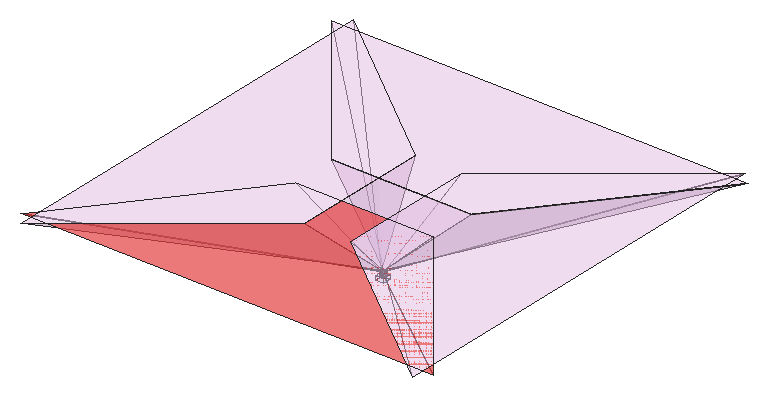
Revit family "Camera-Security-Panasonic-FixedDome-Outdoor-MultiSensor-4xFHD-Vandal_Resistant-Weatherproof-Network-X8570NSeriesX", category Security Devices, host Face, Revit 2016
Family settings
  Host = Face
  Maintain Annotation Orientation = No
  Part Type = Normal
  Round Connector Dimension = Use Diameter
  OmniClass Number = 23.85.10.14.11
  OmniClass Title = Cameras
  Cut with Voids When Loaded = No
  Shared = No
  Room Calculation Point = No
Parameters (values of type "WV-X8570N")
  Water and Dust Resistance = "IP66 (IEC60529), Type 4X (UL50), NEMA 4X compliant"  # constant formula
  Shock Resistance = "IK10 (IEC62262)"  # constant formula
  Panning Range for each Sensor = "0 to +360"
  Dome Cover Ring Material [instance] = Plastic, Opaque Black
  Ceiling Floor Distance Offset [instance] = if(and(On Ceiling, not(On Wall)), z Camera Bottom Vertical Offset, if(and(not(On Ceiling), On Wall), 6.3189", z Camera Bottom Vertical Offset))  # 0.000"
  Camera Type = 8570
  C4 z Yaw Actual Safe [instance] = if(C4 Yaw Actual = -180.00°, 180.00°, C4 Yaw Actual)  # 0.00°
  C4 z Yaw Actual [instance] = if(z Direction = 0, 180.00°, 0.00°)  # 180.00°
  C4 z Tilt Actual [instance] = C4 Tilt Actual  # 45.00°
  C4 z Pan Actual Safe [instance] = if(C4 Pan Actual = -180.00°, 180.00°, C4 Pan Actual)  # 180.00°
  C4 z Pan Actual [instance] = C4 Pan Actual  # 180.00°
  C4 Yaw Desired [instance] = 0.00°
  C4 Yaw Actual [instance] = if(C4 Yaw Desired > C1234 Yaw Max, C1234 Yaw Max, if(C4 Yaw Desired < C1234 Yaw Min, C1234 Yaw Min, C4 Yaw Desired))  # 0.00°
  C4 Vertical FOV Min [instance] = if(and(C4 Aspect Ratio 4_3, not(C4 Aspect Ratio 16_9)), [43 VFOV Min], [169 VFOV Min])  # 53.00°
  C4 Vertical FOV Max [instance] = if(and(C4 Aspect Ratio 4_3, not(C4 Aspect Ratio 16_9)), [43 VFOV Max], [169 VFOV Max])  # 53.00°
  C4 Vertical FOV Actual [instance] = C4 HFOV Ratio * (C4 Vertical FOV Max - C4 Vertical FOV Min) + C4 Vertical FOV Min  # 53.00°
  C4 VV Horizontal Offset = 0.000"
  C4 Tilting Range = "-15 to +80"  # constant formula
  C4 Tilt Desired [instance] = 45.00°
  C4 Tilt Actual [instance] = if(C4 Tilt Desired > C4 Tilt Max, C4 Tilt Max, if(C4 Tilt Desired < C4 Tilt Min, C4 Tilt Min, C4 Tilt Desired))  # 45.00°
  C4 Pan Desired [instance] = 180.00°
  C4 Pan Actual [instance] = if(C4 Pan Desired > C1234 Pan Max, C1234 Pan Max, if(C4 Pan Desired < C1234 Pan Min, C1234 Pan Min, C4 Pan Desired))  # 180.00°
  C4 Horizontal FOV Min [instance] = if(and(C4 Aspect Ratio 4_3, not(C4 Aspect Ratio 16_9)), [43 HFOV Min], [169 HFOV Min])  # 97.00°
  C4 Horizontal FOV Max [instance] = if(and(C4 Aspect Ratio 4_3, not(C4 Aspect Ratio 16_9)), [43 HFOV Max], [169 HFOV Max])  # 97.00°
  C4 Horizontal FOV Desired [instance] = 60.00°
  C4 Horizontal FOV Actual [instance] = if(C4 Horizontal FOV Desired > C4 Horizontal FOV Max, C4 Horizontal FOV Max, if(C4 Horizontal FOV Desired < C4 Horizontal FOV Min, C4 Horizontal FOV Min, C4 Horizontal FOV Desired))  # 97.00°
  C4 HFOV Ratio [instance] = if(Camera Type = 8530, (C4 Horizontal FOV Actual - C4 Horizontal FOV Min) / (C4 Horizontal FOV Max - C4 Horizontal FOV Min), 1)  # 1
  C4 Aspect Ratio 4_3 [instance] = no
  C4 Aspect Ratio 16_9 [instance] = yes
  C3 z Yaw Actual Safe [instance] = if(C3 Yaw Actual = -180.00°, 180.00°, C3 Yaw Actual)  # 0.00°
  C3 z Yaw Actual [instance] = if(z Direction = 0, 180.00°, 0.00°)  # 180.00°
  C3 z Tilt Actual [instance] = C3 Tilt Actual  # 45.00°
  C3 z Pan Actual Safe [instance] = if(C3 Pan Actual = -180.00°, 180.00°, C3 Pan Actual)  # 270.00°
  C3 z Pan Actual [instance] = C3 Pan Actual  # 270.00°
  C3 Yaw Desired [instance] = 0.00°
  C3 Yaw Actual [instance] = if(C3 Yaw Desired > C1234 Yaw Max, C1234 Yaw Max, if(C3 Yaw Desired < C1234 Yaw Min, C1234 Yaw Min, C3 Yaw Desired))  # 0.00°
  C3 Tilt Desired [instance] = 45.00°
  C3 Tilt Actual [instance] = if(C3 Tilt Desired > C123 Tilt Max, C123 Tilt Max, if(C3 Tilt Desired < C123 Tilt Min, C123 Tilt Min, C3 Tilt Desired))  # 45.00°
  C3 Pan Desired [instance] = 270.00°
  C3 Pan Actual [instance] = if(C3 Pan Desired > C1234 Pan Max, C1234 Pan Max, if(C3 Pan Desired < C1234 Pan Min, C1234 Pan Min, C3 Pan Desired))  # 270.00°
  C2 z Yaw Actual Safe [instance] = if(C2 Yaw Actual = -180.00°, 180.00°, C2 Yaw Actual)  # 0.00°
  C2 z Yaw Actual [instance] = if(z Direction = 0, 180.00°, 0.00°)  # 180.00°
  C2 z Tilt Actual [instance] = C2 Tilt Actual  # 45.00°
  C2 z Pan Actual Safe [instance] = if(C2 Pan Actual = -180.00°, 180.00°, C2 Pan Actual)  # 0.00°
  C2 z Pan Actual [instance] = C2 Pan Actual  # 0.00°
  C2 Yaw Desired [instance] = 0.00°
  C2 Yaw Actual [instance] = if(C2 Yaw Desired > C1234 Yaw Max, C1234 Yaw Max, if(C2 Yaw Desired < C1234 Yaw Min, C1234 Yaw Min, C2 Yaw Desired))  # 0.00°
  C2 Tilt Desired [instance] = 45.00°
  C2 Tilt Actual [instance] = if(C2 Tilt Desired > C123 Tilt Max, C123 Tilt Max, if(C2 Tilt Desired < C123 Tilt Min, C123 Tilt Min, C2 Tilt Desired))  # 45.00°
  C2 Pan Desired [instance] = 0.00°
  C2 Pan Actual [instance] = if(C2 Pan Desired > C1234 Pan Max, C1234 Pan Max, if(C2 Pan Desired < C1234 Pan Min, C1234 Pan Min, C2 Pan Desired))  # 0.00°
  C1 to C3 Tilting Range = "+30 to +80"  # constant formula
  SDXC SDHC SD Memory Card Slot = yes
  Mobile Terminal Compatibility = "iPad / iPhone, AndroidTM mobile terminals"  # constant formula
  C4 VV Viewpoint Depth = 2.79134"  # constant formula
  C4 VV Origin Height [instance] = 4.52756"  # constant formula
  C4 Tilt Max = 80.00°  # constant formula
  C4 Tilt Min = -15.00°  # constant formula
  C123 VV Horizontal Offset = 0.77165"  # constant formula
  C123 VV Viewpoint Depth = 2.03543"  # constant formula
  Yawing Range for each Sensor = "-50 to +50"  # constant formula
  C1 Yaw Desired [instance] = 0.00°
  C1 Yaw Actual [instance] = if(C1 Yaw Desired > C1234 Yaw Max, C1234 Yaw Max, if(C1 Yaw Desired < C1234 Yaw Min, C1234 Yaw Min, C1 Yaw Desired))  # 0.00°
  C123 VV Origin Height = 4.4252"  # constant formula
  C1 z Yaw Actual Safe [instance] = if(C1 Yaw Actual = -180.00°, 180.00°, C1 Yaw Actual)  # 0.00°
  C1 z Tilt Actual [instance] = C1 Tilt Actual  # 45.00°
  C1 z Pan Actual Safe [instance] = if(C1 Pan Actual = -180.00°, 180.00°, C1 Pan Actual)  # 90.00°
  C1 z Pan Actual [instance] = C1 Pan Actual  # 90.00°
  C123 HFOV Ratio [instance] = if(Camera Type = 8530, (C123 Horizontal FOV Actual - C123 Horizontal FOV Min) / (C123 Horizontal FOV Max - C123 Horizontal FOV Min), 1)  # 1
  z Dome Radius = 3.14961"  # constant formula
  z Dome Height Offset Original [instance] = if(Has Base Bracket, 5.02756", 3.61024")  # 3.61024"
  z Dome Height Offset [instance] = if(Has Base Bracket, 1.41732", 0.000")  # 0.000"
  z Direction [instance] = if((if(On Wall, 1, 0) + if(On Ceiling, 1, 0)) = 1, if(On Ceiling, 0, 1), 0)  # 0
  z Camera Tilt Angle [instance] = if(and(On Wall, not(On Ceiling)), 90.00°, 0.00°)  # 0.00°
  z Camera Tilt Handle Length = 2.75591"
  z Camera Pan Handle Length = 7.87402"
  z Camera Pan Axis Length = 3.93701"
  C1234 Yaw Min = -50.00°  # constant formula
  C1234 Yaw Max = 50.00°  # constant formula
  Wall Bracket Visible [instance] = and(On Wall, not(On Ceiling))  # no
  Dome Material [instance] = Glass - Panasonic - Black
  Camera Pan Angle = 0.00°
  z Camera Bottom Vertical Offset [instance] = if(and(On Ceiling, not(Has Base Bracket), not(On Wall)), 0.000", if(and(On Ceiling, Has Base Bracket, not(On Wall)), 1.41732", if(and(not(On Ceiling), On Wall), 9.44882", 0.000")))  # 0.000"
  z Camera Bottom Horizontal Offset [instance] = if(and(On Wall, not(On Ceiling)), 6.3189", 0.000")  # 0.000"
  z Base Height = 1.41732"  # constant formula
  C1 z Yaw Actual [instance] = if(z Direction = 0, 180.00°, 0.00°)  # 180.00°
  Wide Dynamic Range = yes
  Weight [instance] = if(and(Base Visible, (Camera Type = 8530)), 7.05 lbf, if(and(not(Base Visible), (Camera Type = 8530)), 5.95 lbf, if(and(Base Visible, (Camera Type = 8570)), 7.28 lbf, if(and(not(Base Visible), (Camera Type = 8570)), 6.17 lbf, 5.95 lbf))))  # 6.17 lbf
  Voltage DC = 48 V
  C123 Vertical FOV Min [instance] = if(and(C123 Aspect Ratio 4_3, not(C123 Aspect Ratio 16_9)), [43 VFOV Min], [169 VFOV Min])  # 53.00°
  C123 Vertical FOV Max [instance] = if(and(C123 Aspect Ratio 4_3, not(C123 Aspect Ratio 16_9)), [43 VFOV Max], [169 VFOV Max])  # 53.00°
  C123 Vertical FOV Actual [instance] = C123 HFOV Ratio * (C123 Vertical FOV Max - C123 Vertical FOV Min) + C123 Vertical FOV Min  # 53.00°
  43 VFOV Min = 53.00°
  169 VFOV Min = 53.00°
  43 VFOV Max = 53.00°
  169 VFOV Max = 53.00°
  URL = "http://security.panasonic.com/pss/security/"
  C123 Tilt Min = 30.00°  # constant formula
  C123 Tilt Max = 80.00°  # constant formula
  C1 Tilt Desired [instance] = 45.00°
  C1 Tilt Actual [instance] = if(C1 Tilt Desired > C123 Tilt Max, C123 Tilt Max, if(C1 Tilt Desired < C123 Tilt Min, C123 Tilt Min, C1 Tilt Desired))  # 45.00°
  Storage Temperature = Operational Temperature  # "–40 °F to +140 °F"
  Show View Volume [instance] = yes
  Regulatory Compliance = "UL (UL60950-1), c-UL (CSA C22.2 No.60950-1), CE, IEC60950-1, FCC (Part15 ClassA), ICES003 ClassA, EN55022 ClassB, EN55024"  # constant formula
  Provide Feedback = "https://www.surveymonkey.com/s/95FL6QY"
  Product Page URL = "https://security.panasonic.com/products/wv-X8570n/"
  Product Material [instance] = Paint - Panasonic - Light Gray
  Product Documentation Link = "https://bizpartner.panasonic.net/public/file/wv-x8570n-spec-sheet-a4"
  Power Active = 12.95 W
  Part Number = Model  # "WV-X8570N"
  Part Description = Description  # "Security Camera, Dome, Vandal Resistant, Waterproof Network, 4 x 4K Ultra HD Multi-Sensor, WV-X8570N"
  C1234 Pan Min = 0.00°  # constant formula
  C1234 Pan Max = 360.00°  # constant formula
  C1 Pan Desired [instance] = 90.00°
  C1 Pan Actual [instance] = if(C1 Pan Desired > C1234 Pan Max, C1234 Pan Max, if(C1 Pan Desired < C1234 Pan Min, C1234 Pan Min, C1 Pan Desired))  # 90.00°
  Original Creation Date = "2018/06/28"
  Operational Temperature = "–40 °F to +140 °F"  # constant formula
  Operational Humidity = "10 to 100 % (no condensation)"  # constant formula
  On Wall [instance] = no
  On Ceiling [instance] = yes
  Mounting Positions = "Mount Dependent or Surface Mount"  # constant formula
  Model Disclaimer = "Contact Panasonic for more information"  # constant formula
  Model = "WV-X8570N"
  Minimum Illumination = 0.12 lx
  Manufacturer = "Panasonic"  # constant formula
  Indoor Or Outdoor = "Outdoor"
  IP Or Analog = "IP"
  C123 Horizontal FOV Min [instance] = if(and(C123 Aspect Ratio 4_3, not(C123 Aspect Ratio 16_9)), [43 HFOV Min], [169 HFOV Min])  # 97.00°
  C123 Horizontal FOV Max [instance] = if(and(C123 Aspect Ratio 4_3, not(C123 Aspect Ratio 16_9)), [43 HFOV Max], [169 HFOV Max])  # 97.00°
  C123 Horizontal FOV Desired [instance] = 60.00°
  C123 Horizontal FOV Actual [instance] = if(C123 Horizontal FOV Desired > C123 Horizontal FOV Max, C123 Horizontal FOV Max, if(C123 Horizontal FOV Desired < C123 Horizontal FOV Min, C123 Horizontal FOV Min, C123 Horizontal FOV Desired))  # 97.00°
  Height [instance] = if(Has Base Bracket, 9.13386", 7.71654")  # 7.71654"
  Has POE = yes
  Has Base Bracket [instance] = no
  43 HFOV Min = 97.00°
  169 HFOV Min = 97.00°
  43 HFOV Max = 97.00°
  169 HFOV Max = 97.00°
  Family Version = "1.0.0"  # constant formula
  Equipment Number [instance] = ""
  Equipment Abbreviation = "SC"
  Distance to Screen [instance] = 393.70079"
  Distance to Floor [instance] = 118.11024"
  Distance to Ceiling [instance] = 39.37008"
  Diameter = 9.05512"
  Description = "Security Camera, Dome, Vandal Resistant, Waterproof Network, 4 x 4K Ultra HD Multi-Sensor, WV-X8570N"
  Default Elevation = 0.000"
  Day Or Night = "Yes"
  Date Last Modified = "2018/06/28"
  Copyright = "Copyright © Panasonic"  # constant formula
  Communication Ports = "10Base-T / 100Base-TX / 1000Base-T, RJ45 connector"  # constant formula
  Bracket Variation Color [instance] = Paint - Panasonic - Silver
  Base Visible [instance] = and(On Ceiling, not(On Wall), Has Base Bracket)  # no
  C123 Aspect Ratio 4_3 [instance] = no
  C123 Aspect Ratio 16_9 [instance] = yes
  Audio Out = "Yes"
  Audio In = "Yes"
  Angle Of View = "97"
  Alarm Input Or Output = "ALARM IN 1(Alarm input 1/ Black & white input/ Auto time adjustment input) (x1), ALARM IN 2 (Alarm input 2/ ALARM OUT) (x1), ALARM IN 3 (Alarm input 3/ ALARM OUT/ AUX OUT) (x1)"
Reference planes (in)
  plane 1 "Center (Front/Back)": y = 0
  plane 2: z = 0
  plane 3 "Center (Left/Right)": x = 0
  plane 4 "Body1 Bottom": z = 1.41732
  plane 5: z = 0
  plane 6: y = 0
Forms (in)
  Extrusion 1, solid, material "Glass"
    sketch origin (0, 0, 0) x (1, 0, 0) y (0, 1, 0)
      loop
        line (-7.08661, 6.85016) -> (-7.08661, -7.02141) -> (7.02141, -7.02141) -> (7.02141, 6.85016) -> (-7.08661, 6.85016)
    from 0 to -7.78407
  Revolve 2, solid, not visible
    sketch origin (0, 0, 0) x (0, 1, 0) y (0, 0, 1)
      loop
        line (0, 0) -> (0.98425, 0) -> (0.98425, 0.3937) -> (0, 0.3937) -> (0, 0)
      axis (0, 0) -> (0, 0.3937)
    angle from 0 to 360
Lines and regions (in)
  Masking region 1, not visible
    outline origin (0, 0, 0) x (1, 0, 0) y (0, 1, 0)
      loop
        circle (0, 0) r 0.03937
  reference lines
    curve 1: line (0, 0, 0) -> (0, 0, 2.75591)
Dimensions and locks (in)
  "z Base Height": plane 4 "Body1 Bottom" to level
  "z Camera Bottom Vertical Offset": plane 5 to level
  "z Camera Bottom Horizontal Offset": plane 6 to plane 1 "Center (Front/Back)"
  "z Camera Tilt Handle Length": curve 1 to curve 1
  locked: Masking region 1 sketch curve to Masking region 1 sketch curve (radius 0.03937")
  "z Camera Tilt Angle": angle plane 6 to curve 1
  aligned and locked: plane 2 to Extrusion 1
  aligned and locked: level to Extrusion 1
  aligned and locked: plane 6 to curve 1
  aligned and locked: plane 5 to curve 1
Automatic sketch dimensions
  Extrusion 1 sketch curve to Extrusion 1 sketch curve = 14.10803"
  Extrusion 1 sketch curve to Extrusion 1 sketch curve = 13.87157"
  plane 1 "Center (Front/Back)" to Masking region 1 sketch curve = 0.000"
  Masking region 1 sketch curve to plane 3 "Center (Left/Right)" = 0.000"
  Revolve 2 sketch curve to plane 1 "Center (Front/Back)" = 0.000"
  Revolve 2 sketch curve to level = 0.000"
  level to Revolve 2 sketch curve = 0.3937"
  Revolve 2 sketch curve to Revolve 2 sketch curve = 0.98425"
Nested families (in)
  nested 1: "CameraSymbol_Dome" at (0, 0, 0), Tilt <- "C1 Tilt Actual", Pan <- "C1 Pan Actual", On Wall <- "On Wall", type "CameraSymbol_Dome", not visible
    with z Pan 270.00°, Tilt 45.00°, Pan 90.00°, On Wall no
  nested 2: "Base Cover" at (0, 0, 0), Product Material <- "Product Material", visible <- "Has Base Bracket", Base Cover Height <- "z Base Height", Base Visible <- "Base Visible", type "Base Cover"
    with Product Material Paint - Panasonic - Light Gray, Base Visible no, Base Cover Top Diameter 3.04528", Base Cover Height 1.41732", Base Cover Bottom Diameter 3.22835"
  nested 3: "Wall Mount Bracket" at (0, 0, 0) x (-1, 0, 0) z (0, 0, 1), visible <- "On Wall", Bracket Visible <- "Wall Bracket Visible", type "Wall Mount Bracket"
    with Bracket Visible no, Bracket Color none
  nested 4: "Camera Body" at (0, 0, 0), Product Material <- "Product Material", Doom Material <- "Dome Material", On Ceiling <- "On Ceiling", On Wall <- "On Ceiling", C1 Pan Angle <- "C1 z Pan Actual Safe", C1 Tilt Angle <- "C1 z Tilt Actual", C1 Yaw Angle <- "C1 z Yaw Actual Safe", C123 VV Horizontal Offset <- "C123 VV Horizontal Offset", C123 VV Origin Height <- "C123 VV Origin Height", C123 VV Viewpoint Depth <- "C123 VV Viewpoint Depth", Distance to Ceiling <- "Distance to Ceiling", Doom Cover Ring Material <- "Dome Cover Ring Material", C2 Pan Angle <- "C2 z Pan Actual Safe", C2 Tilt Angle <- "C2 z Tilt Actual", C2 Yaw Angle <- "C2 z Yaw Actual Safe", C3 Pan Angle <- "C3 z Pan Actual Safe", C3 Tilt Angle <- "C3 z Tilt Actual", C3 Yaw Angle <- "C3 z Yaw Actual Safe", C4 Pan Angle <- "C4 z Pan Actual Safe", C4 Tilt Angle <- "C4 z Tilt Actual", C4 VV Origin Height <- "C4 VV Origin Height", C4 VV Horizontal Offset <- "C4 VV Horizontal Offset", C4 VV Viewpoint Depth <- "C4 VV Viewpoint Depth", C4 Yaw Angle <- "C4 z Yaw Actual Safe", C4 Aspect Ratio 16_9 <- "C4 Aspect Ratio 16_9", C4 Aspect Ratio 4_3 <- "C4 Aspect Ratio 4_3", C4 HFOV <- "C4 Horizontal FOV Actual", C4 VFOV <- "C4 Vertical FOV Actual", Show View Volume <- "Show View Volume", C123 Aspect Ratio 16_9 <- "C123 Aspect Ratio 16_9", C123 Aspect Ratio 4_3 <- "C123 Aspect Ratio 4_3", C123 HFOV <- "C123 Horizontal FOV Actual", C123 VFOV <- "C123 Vertical FOV Actual", Ceiling Distance Offset <- "Ceiling Floor Distance Offset", Floor Distance Offset <- "Ceiling Floor Distance Offset", Distance to Floor <- "Distance to Floor", type "Camera Body Rotation"
    with Show View Volume yes, Product Material Paint - Panasonic - Light Gray, On Wall yes, On Ceiling yes, Floor Distance Offset 0.000", Doom Material Glass - Panasonic - Black, Doom Cover Ring Material Plastic, Opaque Black, Distance to Screen 393.70079", Distance to Floor Revised 118.11024", Distance to Floor 118.11024", Distance to Ceiling Revised 39.37008", Distance to Ceiling 39.37008", Ceiling Distance Offset 0.000", C4 Yaw Angle 0.00°, C4 VV Viewpoint Depth 2.79134", C4 VV Origin Height 4.52756", C4 VV Horizontal Offset 0.000", C4 VFOV 53.00°, C4 Tilt Angle 45.00°, C4 Pan Angle 180.00°, C4 HFOV 97.00°, C4 Aspect Ratio 4_3 no, C4 Aspect Ratio 16_9 yes, C3 Yaw Angle 0.00°, C3 Tilt Angle 45.00°, C3 Pan Angle 270.00°, C2 Yaw Angle 0.00°, C2 Tilt Angle 45.00°, C2 Pan Angle 0.00°, C123 VV Viewpoint Depth 2.03543", C123 VV Origin Height 4.4252", C123 VV Horizontal Offset 0.77165", C123 VFOV 53.00°, C123 HFOV 97.00°, C123 Aspect Ratio 4_3 no, C123 Aspect Ratio 16_9 yes, C1 Yaw Angle 0.00°, C1 Tilt Angle 45.00°, C1 Pan Angle 90.00°
Connectors (in)
  electrical at (0, 0, 0)
    settings: on Revolve 2, index 1, voltage 0 V, apparent load 0.0 W, apparent load phase1 0.0 W, apparent load phase2 0.0 W, apparent load phase3 0.0 W, power factor 1, load classification "Other", number of poles 1, system type 5, power factor state 1, is connector primary yes, connector utility no, sub classification motor no, connector description "Data Connection"
  electrical at (0, 0, 0), driven by "Voltage DC", driven by "Power Active"
    settings: on Revolve 2, index 2, voltage 48 V, apparent load 12.95 W, apparent load phase1 0.0 W, apparent load phase2 0.0 W, apparent load phase3 0.0 W, power factor 1, load classification "Other", number of poles 1, system type 30, power factor state 1, is connector primary no, connector utility no, sub classification motor no, connector description "Electrical Connection"
Definition of nested family "Camera Body"
  Parameters (values of type "Camera Body Rotation")
    Show View Volume [instance] = yes
    On Wall [instance] = no
    On Ceiling [instance] = yes
    Floor Distance Offset [instance] = 0.000"
    Doom Cover Ring Material [instance] = none
    Distance to Floor Revised [instance] = if(Distance to Floor < 0.000", 0.000", Distance to Floor)  # 118.11024"
    Distance to Ceiling Revised [instance] = if(Distance to Ceiling < 0.000", 0.000", Distance to Ceiling)  # 0.000"
    Ceiling Distance Offset [instance] = 0.000"
    C4 Yaw Angle [instance] = 0.00°
    C4 VV Viewpoint Depth [instance] = 2.79134"
    C4 VV Origin Height [instance] = 4.52756"
    C4 VV Horizontal Offset [instance] = 0.000"
    C4 VFOV [instance] = 30.00°
    C4 Tilt Angle [instance] = 45.00°
    C4 Pan Angle [instance] = 180.00°
    C4 HFOV [instance] = 60.00°
    C4 Aspect Ratio 4_3 [instance] = no
    C4 Aspect Ratio 16_9 [instance] = yes
    C3 Yaw Angle [instance] = 0.00°
    C3 Tilt Angle [instance] = 45.00°
    C3 Pan Angle [instance] = 270.00°
    C2 Yaw Angle [instance] = 0.00°
    C2 Tilt Angle [instance] = 45.00°
    C2 Pan Angle [instance] = 0.00°
    C123 VV Viewpoint Depth [instance] = 2.03543"
    C123 VV Origin Height [instance] = 4.4252"
    C123 VV Horizontal Offset [instance] = 0.77165"
    Product Material [instance] = none
    Doom Radius = 3.14961"
    Doom Material [instance] = none
    Doom Bottom Height = 4.56693"
    Default Elevation = 48.000"
    Camera Body Height = 3.14961"
    C1 Yaw Angle [instance] = 0.00°
    C123 VFOV [instance] = 30.00°
    C1 Tilt Angle [instance] = 45.00°
    Distance to Screen [instance] = 393.70079"
    C1 Pan Angle [instance] = 90.00°
    C123 HFOV [instance] = 60.00°
    Distance to Floor [instance] = 118.11024"
    Distance to Ceiling [instance] = 0.000"
    C123 Aspect Ratio 4_3 [instance] = no
    C123 Aspect Ratio 16_9 [instance] = yes
  Reference planes (in)
    plane 1 "Center (Front/Back)": y = 0
    plane 2: z = 0
    plane 3 "Center (Left/Right)": x = 0
    plane 4: z = 3.14961
    plane 5: y = 4.52756
    plane 6: y = 3.05118
    plane 7: z = 1.98425
    plane 8: z = 4.56693
    plane 9: y = 3.14961
    plane 10: z = 4.4252
    plane 11: z = 4.52756
    plane 12: z = 0.21654
  Forms (in)
    Extrusion 1, solid
      sketch origin (0, 0, 0) x (1, 0, 0) y (0, 1, 0)
        loop
          line (-48, 48) -> (-48, -48) -> (48, -48) -> (48, 48) -> (-48, 48)
      from 0 to -12
    Revolve 2, solid, material <- "Product Material"
      sketch origin (0, 0, 0) x (0, 1, 0) y (0, 0, 1)
        loop
          line (0, 0) -> (3.05118, 0) -> (3.05118, 0.21654) -> (4.42559, 1.98425) -> (4.52756, 3.14961) -> (4.42591, 3.14961)
          arc (4.42591, 3.14961) -> (4.39382, 3.13713) -> (4.37859, 3.10624) r 0.04751
          line (4.37859, 3.10624) -> (4.34643, 2.73875)
          arc (4.34643, 2.73875) -> (4.28332, 2.61077) -> (4.15033, 2.55906) r 0.19685
          line (4.15033, 2.55906) -> (0, 2.55906) -> (0, 0)
        axis (0, 0) -> (0, 3.14961)
      angle from 0 to 360
    Revolve 3, solid, material <- "Doom Material"
      sketch origin (0, 0, 0) x (0, 1, 0) y (0, 0, 1)
        loop
          line (0, 3.14961) -> (3.14961, 3.14961) -> (3.14961, 4.56693)
          arc (3.14961, 4.56693) -> (2.22711, 6.79404) -> (0, 7.71654) r 3.14961
          line (0, 7.71654) -> (0, 3.14961)
        axis (0, 3.14961) -> (0, 7.71654)
      angle from 0 to 360
    Revolve 4, solid
      sketch origin (0, 0, 0) x (0, 1, 0) y (0, 0, 1)
        loop
          line (0, 4.52756) -> (0, 2.63942) -> (4.33071, 2.63942) -> (4.33071, 3.03312) -> (4.25027, 3.33334) -> (4.10439, 3.33334) -> (3.19171, 3.57789) -> (3.19171, 3.14961) -> (2.20745, 3.14961) -> (2.20745, 3.46457) -> (0.4358, 3.46457) -> (0.4358, 4.52756) -> (0, 4.52756)
        axis (0, 2.63942) -> (0, 4.52756)
      angle from 0 to 360
  Dimensions and locks (in)
    "Camera Body Height": plane 4 to level
    plane 1 "Center (Front/Back)" to plane 5 = 4.52756"
    locked: plane 1 "Center (Front/Back)" to plane 6 at 3.05118
    locked: plane 7 to level at 1.98425
    "Doom Bottom Height": plane 8 to level
    "Doom Radius": plane 1 "Center (Front/Back)" to plane 9
    "C123 VV Origin Height": plane 10 to level
    "C4 VV Origin Height": plane 11 to level
    locked: plane 12 to level at 0.21654
    aligned and locked: plane 2 to Extrusion 1
    aligned and locked: level to Extrusion 1
    aligned and locked: Revolve 2 sketch curve to plane 4
    aligned and locked: plane 6 to Revolve 2 sketch curve
    aligned and locked: plane 7 to Revolve 2 sketch curve
  Automatic sketch dimensions
    Extrusion 1 sketch curve to Extrusion 1 sketch curve = 96.000"  (x2)
    Revolve 3 sketch curve to plane 1 "Center (Front/Back)" = 0.000"  (x2)
    Revolve 3 sketch curve to plane 8 = 0.000"
    Revolve 3 sketch curve to plane 9 = 0.000"
    Revolve 3 sketch curve to plane 4 = 0.000"
    Revolve 3 sketch curve to level = 24.000"
    Revolve 3 sketch curve to Revolve 3 sketch curve = 84.91365"
    Revolve 4 sketch curve to plane 1 "Center (Front/Back)" = 0.000"  (x2)
    Revolve 4 sketch curve to plane 11 = 0.000"
    Revolve 4 sketch curve to plane 4 = 0.000"
    Revolve 4 sketch curve to Revolve 4 sketch curve = 0.4358"
    plane 4 to Revolve 4 sketch curve = 0.31496"
    Revolve 4 sketch curve to plane 9 = 0.0421"
    plane 4 to Revolve 4 sketch curve = 0.18373"
    Revolve 4 sketch curve to plane 5 = 0.42317"
    Revolve 4 sketch curve to Revolve 4 sketch curve = 0.14587"
    Revolve 4 sketch curve to plane 5 = 0.19685"
    Revolve 4 sketch curve to plane 4 = 0.11649"
    Revolve 4 sketch curve to plane 4 = 0.51019"
    Revolve 4 sketch curve to Revolve 4 sketch curve = 0.42828"
    Revolve 4 sketch curve to level = 24.000"
    plane 11 to Revolve 4 sketch curve = 87.7483"
    plane 6 to Revolve 4 sketch curve = 0.84373"
    Revolve 2 sketch curve to plane 1 "Center (Front/Back)" = 0.000"  (x2)
    Revolve 2 sketch curve to plane 4 = 0.000"
    Revolve 2 sketch curve to plane 5 = 0.000"
    Revolve 2 sketch curve to level = 0.000"
    Revolve 2 sketch curve to plane 12 = 0.000"
    Revolve 2 sketch curve to plane 5 = 0.37723"
    Revolve 2 sketch curve to plane 5 = 0.18113"
    Revolve 2 sketch curve to plane 4 = 0.04336"
    Revolve 2 sketch curve to plane 5 = 0.14897"
    Revolve 2 sketch curve to plane 5 = 0.10197"
    Revolve 2 sketch curve to plane 4 = 0.04751"
    plane 7 to Revolve 2 sketch curve = 0.5748"
    Revolve 2 sketch curve to Revolve 2 sketch curve = 0.17969"
    Revolve 2 sketch curve to Revolve 2 sketch curve = 24.000"
    plane 8 to Revolve 2 sketch curve = 59.02679"
  Nested families (in)
    nested 1: "FOV4" at (0, 0, 4.52756) x (-1, 0, 0) z (0, 0, 1), Ceiling Distance <- "Distance to Ceiling Revised", Floor Distance <- "Distance to Floor Revised", HFOV <- "C4 HFOV", On Ceiling <- "On Ceiling", On Wall <- "On Wall", Pan <- "C4 Pan Angle", Screen Depth <- "Distance to Screen", Tilt <- "C4 Tilt Angle", VFOV <- "C4 VFOV", Viewpoint Depth <- "C4 VV Viewpoint Depth", Viewpoint Origin Horizontal Offset <- "C4 VV Horizontal Offset", Yaw <- "C4 Yaw Angle", visible <- "Show View Volume", Ceiling Distance Offset <- "Ceiling Distance Offset", Floor Distance Offset <- "Floor Distance Offset", Base Height Offset <- "C4 VV Origin Height", type "FOV4"
      with z Yaw Actual 0.00°, z Void Width 2049.63013", z Void Thickness 797.51181", z Void Height Start -1024.81507", z Void Height End 1024.81507", z Void Direction 0, z Void Angle 0.00°, z Viewpoint Depth 2.79134", z Tilt Actual 45.00°, z Target Width 90.9213", z Target Visible yes, z Target Height 42.19672", z Target Depth 81.5315", z Screen Width 454.60651", z Screen Height 210.98362", z Screen Depth 396.49213", z Pan Actual 180.00°, z Floor Distance 118.11024", z Ceiling Distance 0.000", Yaw 0.00°, Viewpoint Origin Horizontal Offset 0.000", Viewpoint Depth 2.79134", VFOV 30.00°, Tilt 45.00°, Target Depth 78.74016", Screen Depth 393.70079", Pan 180.00°, On Wall no, On Floor no, On Default Mount Type 0, On Ceiling yes, HFOV 60.00°, Floor Distance Offset 0.000", Floor Distance 118.11024", Ceiling Distance Offset 0.000", Ceiling Distance 0.000", Base Height Offset 4.52756", Base Angle Offset 0.00°
    nested 2: "FOV1" at (0, 0, 4.4252), Ceiling Distance <- "Distance to Ceiling Revised", Floor Distance <- "Distance to Floor Revised", HFOV <- "C123 HFOV", On Ceiling <- "On Ceiling", On Wall <- "On Wall", Pan <- "C1 Pan Angle", Screen Depth <- "Distance to Screen", Tilt <- "C1 Tilt Angle", VFOV <- "C123 VFOV", Viewpoint Depth <- "C123 VV Viewpoint Depth", Viewpoint Origin Horizontal Offset <- "C123 VV Horizontal Offset", Yaw <- "C1 Yaw Angle", visible <- "Show View Volume", Base Height Offset <- "C123 VV Origin Height", Ceiling Distance Offset <- "Ceiling Distance Offset", Floor Distance Offset <- "Floor Distance Offset", type "FOV1"
      with z Yaw Actual 0.00°, z Void Width 2047.17344", z Void Thickness 795.89764", z Void Height Start -1023.58672", z Void Height End 1023.58672", z Void Direction 0, z Void Angle 0.00°, z Viewpoint Depth 2.03543", z Tilt Actual 45.00°, z Target Width 90.9213", z Target Visible yes, z Target Height 42.19672", z Target Depth 80.77559", z Screen Width 454.60651", z Screen Height 210.98362", z Screen Depth 395.73622", z Pan Actual 90.00°, z Floor Distance 118.11024", z Ceiling Distance 0.000", Yaw 0.00°, Viewpoint Origin Horizontal Offset 0.77165", Viewpoint Depth 2.03543", VFOV 30.00°, Tilt 45.00°, Target Depth 78.74016", Screen Depth 393.70079", Pan 90.00°, On Wall no, On Floor no, On Default Mount Type 0, On Ceiling yes, HFOV 60.00°, Floor Distance Offset 0.000", Floor Distance 118.11024", Ceiling Distance Offset 0.000", Ceiling Distance 0.000", Base Height Offset 4.4252", Base Angle Offset 0.00°
    nested 3: "FOV2" at (0, 0, 4.4252) x (-1, 0, 0) z (0, 0, 1), Ceiling Distance <- "Distance to Ceiling Revised", Floor Distance <- "Distance to Floor Revised", On Ceiling <- "On Ceiling", On Wall <- "On Wall", Pan <- "C2 Pan Angle", Screen Depth <- "Distance to Screen", Tilt <- "C2 Tilt Angle", Viewpoint Depth <- "C123 VV Viewpoint Depth", Viewpoint Origin Horizontal Offset <- "C123 VV Horizontal Offset", Yaw <- "C2 Yaw Angle", visible <- "Show View Volume", HFOV <- "C123 HFOV", VFOV <- "C123 VFOV", Base Height Offset <- "C123 VV Origin Height", Ceiling Distance Offset <- "Ceiling Distance Offset", Floor Distance Offset <- "Floor Distance Offset", type "FOV2"
      with z Yaw Actual 0.00°, z Void Width 2047.17344", z Void Thickness 795.89764", z Void Height Start -1023.58672", z Void Height End 1023.58672", z Void Direction 0, z Void Angle 0.00°, z Viewpoint Depth 2.03543", z Tilt Actual 45.00°, z Target Width 90.9213", z Target Visible yes, z Target Height 42.19672", z Target Depth 80.77559", z Screen Width 454.60651", z Screen Height 210.98362", z Screen Depth 395.73622", z Pan Actual 0.00°, z Floor Distance 118.11024", z Ceiling Distance 0.000", Yaw 0.00°, Viewpoint Origin Horizontal Offset 0.77165", Viewpoint Depth 2.03543", VFOV 30.00°, Tilt 45.00°, Target Depth 78.74016", Screen Depth 393.70079", Pan 0.00°, On Wall no, On Floor no, On Default Mount Type 0, On Ceiling yes, HFOV 60.00°, Floor Distance Offset 0.000", Floor Distance 118.11024", Ceiling Distance Offset 0.000", Ceiling Distance 0.000", Base Height Offset 4.4252", Base Angle Offset 0.00°
    nested 4: "FOV3" at (0, 0, 4.4252), Ceiling Distance <- "Distance to Ceiling Revised", Floor Distance <- "Distance to Floor Revised", On Ceiling <- "On Ceiling", On Wall <- "On Wall", Pan <- "C3 Pan Angle", Screen Depth <- "Distance to Screen", Tilt <- "C3 Tilt Angle", Viewpoint Depth <- "C123 VV Viewpoint Depth", Viewpoint Origin Horizontal Offset <- "C123 VV Horizontal Offset", Yaw <- "C3 Yaw Angle", visible <- "Show View Volume", HFOV <- "C123 HFOV", VFOV <- "C123 VFOV", Base Height Offset <- "C123 VV Origin Height", Floor Distance Offset <- "Floor Distance Offset", Ceiling Distance Offset <- "Ceiling Distance Offset", type "FOV3"
      with z Yaw Actual 0.00°, z Void Width 2047.17344", z Void Thickness 795.89764", z Void Height Start -1023.58672", z Void Height End 1023.58672", z Void Direction 0, z Void Angle 0.00°, z Viewpoint Depth 2.03543", z Tilt Actual 45.00°, z Target Width 90.9213", z Target Visible yes, z Target Height 42.19672", z Target Depth 80.77559", z Screen Width 454.60651", z Screen Height 210.98362", z Screen Depth 395.73622", z Pan Actual 270.00°, z Floor Distance 118.11024", z Ceiling Distance 0.000", Yaw 0.00°, Viewpoint Origin Horizontal Offset 0.77165", Viewpoint Depth 2.03543", VFOV 30.00°, Tilt 45.00°, Target Depth 78.74016", Screen Depth 393.70079", Pan 270.00°, On Wall no, On Floor no, On Default Mount Type 0, On Ceiling yes, HFOV 60.00°, Floor Distance Offset 0.000", Floor Distance 118.11024", Ceiling Distance Offset 0.000", Ceiling Distance 0.000", Base Height Offset 4.4252", Base Angle Offset 0.00°
  Definition of nested family "FOV4"
    Parameters (values of type "FOV4")
      z Yaw Actual [instance] = if(Yaw < 0.00°, 360.00° - (abs(Yaw) - rounddown(abs(Yaw) / 360.00°) * 360.00°), Yaw - rounddown(Yaw / 360.00°) * 360.00°)  # 0.00°
      z Void Width [instance] = if(z Screen Width > z Screen Height, z Screen Width, z Screen Height) + abs(Viewpoint Origin Horizontal Offset) + z Void Thickness * 2  # 2064.84273"
      z Void Thickness [instance] = z Screen Depth * 2 + abs(Base Height Offset)  # 805.11811"
      z Void Height Start [instance] = -z Void Width / 2  # -1032.42137"
      z Void Height End [instance] = z Void Width / 2  # 1032.42137"
      z Void Direction [instance] = if((if(On Wall, 1, 0) + if(On Floor, 1, 0) + if(On Ceiling, 1, 0)) = 1, if(On Ceiling, 0, if(On Wall, 1, 2)), On Default Mount Type)  # 0
      z Viewpoint Depth [instance] = if(Viewpoint Depth < 0.03937", 0.03937", Viewpoint Depth)  # 5.90551"
      z Tilt Actual [instance] = if(Tilt < 0.00°, 360.00° - (abs(Tilt) - rounddown(abs(Tilt) / 360.00°) * 360.00°), Tilt - rounddown(Tilt / 360.00°) * 360.00°)  # 45.00°
      z Target Visible [instance] = not(Screen Depth < Target Depth)  # yes
      z Target Thickness Start = -z Target Thickness / 2  # -0.03937"
      z Target Thickness End = z Target Thickness / 2  # 0.03937"
      z Target Depth [instance] = Target Depth + Viewpoint Depth  # 84.64567"
      z Pan Actual [instance] = if(Pan < 0.00°, 360.00° - (abs(Pan) - rounddown(abs(Pan) / 360.00°) * 360.00°), Pan - rounddown(Pan / 360.00°) * 360.00°)  # 0.00°
      z Floor Distance [instance] = if(z Void Direction = 2, if(Floor Distance - Floor Distance Offset < 0.000", 0.000", Floor Distance - Floor Distance Offset), if(Floor Distance - Floor Distance Offset < 0.3937", 0.3937", Floor Distance - Floor Distance Offset))  # 118.11024"
      z Const Yaw Base2 Length = 17.32283"  # constant formula
      z Const Tilt Base2 Length = 19.68504"  # constant formula
      z Ceiling Distance [instance] = if(z Void Direction = 2, if(Ceiling Distance + Ceiling Distance Offset < 0.3937", 0.3937", Ceiling Distance + Ceiling Distance Offset), if(Ceiling Distance + Ceiling Distance Offset < 0.000", 0.000", Ceiling Distance + Ceiling Distance Offset))  # 0.000"
      z Const Void Handle Length = 23.62205"  # constant formula
      z Void Angle [instance] = if(z Void Direction = 0, 0.00° + Base Angle Offset, if(z Void Direction = 1, 90.00° + Base Angle Offset, 180.00° + Base Angle Offset))  # 0.00°
      z Screen Depth [instance] = if(Screen Depth < 3.93701", 3.93701" + Viewpoint Depth, Screen Depth + Viewpoint Depth)  # 399.6063"
      Floor Distance Offset [instance] = 0.000"
      Ceiling Distance Offset [instance] = 0.000"
      Original Creation Date = "September, 15, 2016"  # constant formula
      On Default Mount Type [instance] = 0
      Manufacturer = "Panasonic"  # constant formula
      Family Version = "1.0.1"  # constant formula
      Default Elevation = 48.000"
      Date Last Modified = "February, 15, 2017"  # constant formula
      Copyright = "Copyright © Panasonic"  # constant formula
      Base Height Offset [instance] = 5.90551"
      Base Angle Offset [instance] = 0.00°
      z Viewpoint Width = 0.03937"  # constant formula
      z Viewpoint Height = 0.03937"  # constant formula
      VFOV [instance] = 33.75°
      z Target Width [instance] = Target Depth * tan(HFOV / 2) * 2  # 90.9213"
      z Target Thickness = 0.07874"  # constant formula
      z Target Height [instance] = Target Depth * tan(VFOV / 2) * 2  # 47.77113"
      Target Depth [instance] = 78.74016"
      z Screen Width [instance] = (z Screen Depth - Viewpoint Depth) * tan(HFOV / 2) * 2  # 454.60651"
      z Screen Height [instance] = (z Screen Depth - Viewpoint Depth) * tan(VFOV / 2) * 2  # 238.85566"
      Screen Depth [instance] = 393.70079"
      z Const Yaw Handle Length = 9.25197"  # constant formula
      z Const Yaw Base Length = 10.23622"  # constant formula
      Viewpoint Depth [instance] = 5.90551"
      Viewpoint Origin Horizontal Offset [instance] = 0.000"
      z Const Tilt Handle Length = 14.17323"  # constant formula
      z Const Tilt Base Length = 9.84252"  # constant formula
      z Const Pan Handle Length = 19.68504"  # constant formula
      z Const Pan Axis Length = 15.74803"  # constant formula
      On Wall [instance] = no
      On Floor [instance] = no
      On Ceiling [instance] = yes
      HFOV [instance] = 60.00°
      Yaw [instance] = 0.00°
      Tilt [instance] = 45.00°
      Pan [instance] = 0.00°
      Floor Distance [instance] = 118.11024"
      Ceiling Distance [instance] = 0.000"
    Reference planes (in)
      plane 1 "Center (Front/Back)": y = 0
      plane 2: z = 0
      plane 3 "Center (Left/Right)": x = 0
      plane 4 "VoidOffsetBase": z = -5.90551
    Forms (in)
      Extrusion 1, void
        sketch origin (0, 0, -5.90551) x (0, 0, 1) y (0, -1, 0)
          loop
            line (923.22835, 1032.42137) -> (118.11024, 1032.42137) -> (118.11024, -1032.42137) -> (923.22835, -1032.42137) -> (923.22835, 1032.42137)
          loop
            line (0, 1032.42137) -> (-805.11811, 1032.42137) -> (-805.11811, -1032.42137) -> (0, -1032.42137) -> (0, 1032.42137)
        from -1032.42137 <- "z Void Height Start" to 1032.42137 <- "z Void Height End"
      Blend 2, solid
        base sketch origin (0, -4.17583, 4.17583) x (0, 0.707107, 0.707107) y (-1, 0, 0)
          loop
            line (-0.01969, -0.01969) -> (0.01969, -0.01969) -> (0.01969, 0.01969) -> (-0.01969, 0.01969) -> (-0.01969, -0.01969)
        top sketch origin (0, -282.56432, 282.56432) x (0, 0.707107, 0.707107) y (-1, 0, 0)
          loop
            line (-119.42783, -227.30326) -> (119.42783, -227.30326) -> (119.42783, 227.30326) -> (-119.42783, 227.30326) -> (-119.42783, -227.30326)
        from 0 to 0
      Extrusion 3, solid, not visible
        sketch origin (0, -59.85353, 59.85353) x (0, 0.707107, 0.707107) y (-1, 0, 0)
          loop
            line (-23.88557, -45.46065) -> (23.88557, -45.46065) -> (23.88557, 45.46065) -> (-23.88557, 45.46065) -> (-23.88557, -45.46065)
        from -0.03937 <- "z Target Thickness Start" to 0.03937 <- "z Target Thickness End"
    Cuts and joins
      Extrusion 1 cuts Blend 2
      Extrusion 1 cuts Extrusion 3
    Lines and regions (in)
      reference lines
        curve 1: line (0, 0, 0) -> (19.68504, 0, 0)
        curve 2: line (0, 0, -15.74803) -> (0, 0, 0)
        curve 3: line (0, 0, 0) -> (0, -9.84252, 0)
        curve 4: line (0, 0, 0) -> (0, 0, 19.68504)
        curve 5: line (0, -10.02199, 10.02199) -> (0, 0, 0)
        curve 6: line (0, 0, 0) -> (0, 7.2381, 7.2381)
        curve 7: line (0, 0, 0) -> (-17.32283, 0, 0)
        curve 8: line (0, 0, 0) -> (-9.25197, 0, 0)
        curve 9: line (0, -4.17583, 4.17583) -> (0, 0, 0)
        curve 10: line (0, 0, 0) -> (0, -59.85353, 59.85353)
        curve 11: line (0, 0, 0) -> (0, -282.56432, 282.56432)
        curve 12: line (-0.01969, -4.16191, 4.18975) -> (0.01969, -4.16191, 4.18975)
        curve 13: line (-0.01969, -4.18975, 4.16191) -> (0.01969, -4.18975, 4.16191)
        curve 14: line (-0.01969, -4.16191, 4.18975) -> (-0.01969, -4.18975, 4.16191)
        curve 15: line (0.01969, -4.16191, 4.18975) -> (0.01969, -4.18975, 4.16191)
        curve 16: line (-45.46065, -42.96388, 76.74317) -> (45.46065, -42.96388, 76.74317)
        curve 17: line (-45.46065, -76.74317, 42.96388) -> (45.46065, -76.74317, 42.96388)
        curve 18: line (-45.46065, -42.96388, 76.74317) -> (-45.46065, -76.74317, 42.96388)
        curve 19: line (45.46065, -42.96388, 76.74317) -> (45.46065, -76.74317, 42.96388)
        curve 20: line (-227.30326, -198.1161, 367.01255) -> (-227.30326, -367.01255, 198.1161)
        curve 21: line (227.30326, -198.1161, 367.01255) -> (227.30326, -367.01255, 198.1161)
        curve 22: line (-227.30326, -198.1161, 367.01255) -> (227.30326, -198.1161, 367.01255)
        curve 23: line (-227.30326, -367.01255, 198.1161) -> (227.30326, -367.01255, 198.1161)
        curve 24: line (0, 0, -5.90551) -> (0, 0, 17.71654)
        curve 25: line (0, -1032.42137, 917.32283) -> (0, 1032.42137, 917.32283)
        curve 26: line (0, -1032.42137, 112.20472) -> (0, -1032.42137, 917.32283)
        curve 27: line (0, 1032.42137, 112.20472) -> (0, -1032.42137, 112.20472)
        curve 28: line (0, 1032.42137, 917.32283) -> (0, 1032.42137, 112.20472)
        curve 29: line (0, -1032.42137, -5.90551) -> (0, 1032.42137, -5.90551)
        curve 30: line (0, -1032.42137, -811.02362) -> (0, -1032.42137, -5.90551)
        curve 31: line (0, 1032.42137, -811.02362) -> (0, -1032.42137, -811.02362)
        curve 32: line (0, 1032.42137, -5.90551) -> (0, 1032.42137, -811.02362)
    Dimensions and locks (in)
      "z Const Pan Handle Length": curve 1 to curve 1
      "z Const Pan Axis Length": curve 2 to curve 2
      "z Const Tilt Base Length": curve 3 to curve 3
      "z Const Pan Axis Length": curve 1 to curve 2
      "Viewpoint Origin Horizontal Offset": curve 4 to curve 2
      "z Const Tilt Base2 Length": curve 4 to curve 4
      "z Const Tilt Handle Length": curve 5 to curve 5
      "z Const Yaw Base Length": curve 6 to curve 6
      "z Const Yaw Base2 Length": curve 7 to curve 7
      "z Const Yaw Handle Length": curve 8 to curve 8
      "z Viewpoint Depth": curve 9 to curve 9
      "z Target Depth": curve 10 to curve 10
      "z Screen Depth": curve 11 to curve 11
      equal spacing: curve 13, curve 9, curve 12
      "z Viewpoint Height": curve 13 to curve 12
      equal spacing: curve 14, curve 9, curve 15
      "z Viewpoint Width": curve 14 to curve 15
      equal spacing: curve 17, curve 10, curve 16
      "z Target Height": curve 17 to curve 16
      equal spacing: curve 18, curve 10, curve 19
      "z Target Width": curve 18 to curve 19
      equal spacing: curve 20, curve 11, curve 21
      "z Screen Width": curve 20 to curve 21
      equal spacing: curve 23, curve 11, curve 22
      "z Screen Height": curve 23 to curve 22
      "z Const Void Handle Length": curve 24 to curve 24
      equal spacing: curve 26, curve 24, curve 28
      "z Void Width": curve 26 to curve 28
      "z Floor Distance": curve 27 to curve 24
      "z Ceiling Distance": curve 29 to curve 24
      "z Void Thickness": curve 31 to curve 29
      "z Void Thickness": curve 25 to curve 27
      "Base Height Offset": level to plane 4 "VoidOffsetBase"
      locked: curve 3 to curve 2 (angle 90.00°)
      locked: curve 3 to curve 4 (angle 90.00°)
      "z Tilt Actual": angle curve 4 to curve 5
      locked: curve 6 to curve 7 (angle 90.00°)
      locked: curve 6 to curve 5 (angle 90.00°)
      locked: curve 9 to curve 5 (angle 0.00°)
      locked: curve 10 to curve 5 (angle 0.00°)
      locked: curve 11 to curve 5 (angle 0.00°)
      "z Void Angle": angle plane 1 "Center (Front/Back)" to curve 24
      "z Yaw Actual": angle curve 7 to curve 8
      "z Pan Actual": angle plane 1 "Center (Front/Back)" to curve 1
      aligned and locked: level to plane 2
      aligned and locked: curve 2 to curve 1
      aligned and locked: curve 2 to curve 3
      aligned and locked: curve 3 to curve 2
      aligned and locked: curve 3 to curve 5
      aligned and locked: curve 6 to curve 7
      aligned and locked: curve 6 to curve 8
      aligned and locked: curve 8 to curve 7
      aligned and locked: curve 7 to curve 6
      aligned and locked: curve 5 to curve 11
      aligned and locked: curve 11 to curve 8
      aligned and locked: curve 12 to curve 15
      aligned and locked: curve 15 to curve 15
      aligned and locked: curve 14 to curve 14
      aligned and locked: curve 13 to curve 15
      aligned and locked: curve 16 to curve 19
      aligned and locked: curve 18 to curve 18
      aligned and locked: curve 17 to curve 19
      aligned and locked: curve 22 to curve 22
      aligned and locked: curve 21 to curve 23
      aligned and locked: curve 20 to curve 23
      aligned and locked: curve 23 to curve 23
      aligned and locked: plane 1 "Center (Front/Back)" to curve 24
      aligned and locked: curve 30 to curve 26
      aligned and locked: curve 28 to curve 32
      aligned and locked: Extrusion 1 sketch curve to curve 25
      aligned and locked: Extrusion 1 sketch curve to curve 26
      aligned and locked: Extrusion 1 sketch curve to curve 27
      aligned and locked: Extrusion 1 sketch curve to curve 28
      aligned and locked: Extrusion 1 sketch curve to curve 29
      aligned and locked: Extrusion 1 sketch curve to curve 30
      aligned and locked: Extrusion 1 sketch curve to curve 31
      aligned and locked: Extrusion 1 sketch curve to curve 32
      aligned and locked: Extrusion 1 sketch curve to Extrusion 1 sketch curve  (x8)
      aligned and locked: Blend 2 sketch curve to curve 15
      aligned and locked: Blend 2 sketch curve to curve 13
      aligned and locked: Blend 2 sketch curve to curve 14
      aligned and locked: Blend 2 sketch curve to curve 12
      aligned and locked: Blend 2 sketch curve to Blend 2 sketch curve  (x8)
      aligned and locked: Blend 2 sketch curve to curve 21
      aligned and locked: Blend 2 sketch curve to curve 23
      aligned and locked: Blend 2 sketch curve to curve 20
      aligned and locked: Blend 2 sketch curve to curve 22
      aligned and locked: Extrusion 3 sketch curve to curve 19
      aligned and locked: Extrusion 3 sketch curve to curve 17
      aligned and locked: Extrusion 3 sketch curve to curve 18
      aligned and locked: Extrusion 3 sketch curve to curve 16
      aligned and locked: Extrusion 3 sketch curve to Extrusion 3 sketch curve  (x4)
      aligned and locked: plane 3 "Center (Left/Right)" to curve 1
      aligned and locked: plane 1 "Center (Front/Back)" to curve 1
      aligned and locked: level to curve 2
      aligned and locked: plane 4 "VoidOffsetBase" to curve 24
    Automatic sketch dimensions
      curve 6 to curve 5 = 0.000"
      curve 6 to curve 5 = 10.23622"
  Definition of nested family "FOV1"
    Parameters (values of type "FOV1")
      z Yaw Actual [instance] = if(Yaw < 0.00°, 360.00° - (abs(Yaw) - rounddown(abs(Yaw) / 360.00°) * 360.00°), Yaw - rounddown(Yaw / 360.00°) * 360.00°)  # 0.00°
      z Void Width [instance] = if(z Screen Width > z Screen Height, z Screen Width, z Screen Height) + abs(Viewpoint Origin Horizontal Offset) + z Void Thickness * 2  # 2064.84273"
      z Void Thickness [instance] = z Screen Depth * 2 + abs(Base Height Offset)  # 805.11811"
      z Void Height Start [instance] = -z Void Width / 2  # -1032.42137"
      z Void Height End [instance] = z Void Width / 2  # 1032.42137"
      z Void Direction [instance] = if((if(On Wall, 1, 0) + if(On Floor, 1, 0) + if(On Ceiling, 1, 0)) = 1, if(On Ceiling, 0, if(On Wall, 1, 2)), On Default Mount Type)  # 0
      z Viewpoint Depth [instance] = if(Viewpoint Depth < 0.03937", 0.03937", Viewpoint Depth)  # 5.90551"
      z Tilt Actual [instance] = if(Tilt < 0.00°, 360.00° - (abs(Tilt) - rounddown(abs(Tilt) / 360.00°) * 360.00°), Tilt - rounddown(Tilt / 360.00°) * 360.00°)  # 45.00°
      z Target Visible [instance] = not(Screen Depth < Target Depth)  # yes
      z Target Thickness Start = -z Target Thickness / 2  # -0.03937"
      z Target Thickness End = z Target Thickness / 2  # 0.03937"
      z Target Depth [instance] = Target Depth + Viewpoint Depth  # 84.64567"
      z Pan Actual [instance] = if(Pan < 0.00°, 360.00° - (abs(Pan) - rounddown(abs(Pan) / 360.00°) * 360.00°), Pan - rounddown(Pan / 360.00°) * 360.00°)  # 0.00°
      z Floor Distance [instance] = if(z Void Direction = 2, if(Floor Distance - Floor Distance Offset < 0.000", 0.000", Floor Distance - Floor Distance Offset), if(Floor Distance - Floor Distance Offset < 0.3937", 0.3937", Floor Distance - Floor Distance Offset))  # 118.11024"
      z Const Yaw Base2 Length = 17.32283"  # constant formula
      z Const Tilt Base2 Length = 19.68504"  # constant formula
      z Ceiling Distance [instance] = if(z Void Direction = 2, if(Ceiling Distance + Ceiling Distance Offset < 0.3937", 0.3937", Ceiling Distance + Ceiling Distance Offset), if(Ceiling Distance + Ceiling Distance Offset < 0.000", 0.000", Ceiling Distance + Ceiling Distance Offset))  # 0.000"
      z Const Void Handle Length = 23.62205"  # constant formula
      z Void Angle [instance] = if(z Void Direction = 0, 0.00° + Base Angle Offset, if(z Void Direction = 1, 90.00° + Base Angle Offset, 180.00° + Base Angle Offset))  # 0.00°
      z Screen Depth [instance] = if(Screen Depth < 3.93701", 3.93701" + Viewpoint Depth, Screen Depth + Viewpoint Depth)  # 399.6063"
      Original Creation Date = "September, 15, 2016"  # constant formula
      On Default Mount Type [instance] = 0
      Manufacturer = "Panasonic"  # constant formula
      Floor Distance Offset [instance] = 0.000"
      Family Version = "1.0.1"  # constant formula
      Default Elevation = 48.000"
      Date Last Modified = "February, 15, 2017"  # constant formula
      Copyright = "Copyright © Panasonic"  # constant formula
      Ceiling Distance Offset [instance] = 0.000"
      Base Height Offset [instance] = 5.90551"
      Base Angle Offset [instance] = 0.00°
      z Viewpoint Width = 0.03937"  # constant formula
      z Viewpoint Height = 0.03937"  # constant formula
      VFOV [instance] = 33.75°
      z Target Width [instance] = Target Depth * tan(HFOV / 2) * 2  # 90.9213"
      z Target Thickness = 0.07874"  # constant formula
      z Target Height [instance] = Target Depth * tan(VFOV / 2) * 2  # 47.77113"
      Target Depth [instance] = 78.74016"
      z Screen Width [instance] = (z Screen Depth - Viewpoint Depth) * tan(HFOV / 2) * 2  # 454.60651"
      z Screen Height [instance] = (z Screen Depth - Viewpoint Depth) * tan(VFOV / 2) * 2  # 238.85566"
      Screen Depth [instance] = 393.70079"
      z Const Yaw Handle Length = 9.25197"  # constant formula
      z Const Yaw Base Length = 10.23622"  # constant formula
      Viewpoint Depth [instance] = 5.90551"
      Viewpoint Origin Horizontal Offset [instance] = 0.000"
      z Const Tilt Handle Length = 14.17323"  # constant formula
      z Const Tilt Base Length = 9.84252"  # constant formula
      z Const Pan Handle Length = 19.68504"  # constant formula
      z Const Pan Axis Length = 15.74803"  # constant formula
      On Wall [instance] = no
      On Floor [instance] = no
      On Ceiling [instance] = yes
      HFOV [instance] = 60.00°
      Yaw [instance] = 0.00°
      Tilt [instance] = 45.00°
      Pan [instance] = 0.00°
      Floor Distance [instance] = 118.11024"
      Ceiling Distance [instance] = 0.000"
    Reference planes (in)
      plane 1 "Center (Front/Back)": y = 0
      plane 2: z = 0
      plane 3 "Center (Left/Right)": x = 0
      plane 4 "VoidOffsetBase": z = -5.90551
    Forms (in)
      Extrusion 1, void
        sketch origin (0, 0, -5.90551) x (0, 0, 1) y (0, -1, 0)
          loop
            line (923.22835, 1032.42137) -> (118.11024, 1032.42137) -> (118.11024, -1032.42137) -> (923.22835, -1032.42137) -> (923.22835, 1032.42137)
          loop
            line (0, 1032.42137) -> (-805.11811, 1032.42137) -> (-805.11811, -1032.42137) -> (0, -1032.42137) -> (0, 1032.42137)
        from -1032.42137 <- "z Void Height Start" to 1032.42137 <- "z Void Height End"
      Blend 2, solid
        base sketch origin (0, -4.17583, 4.17583) x (0, 0.707107, 0.707107) y (-1, 0, 0)
          loop
            line (-0.01969, -0.01969) -> (0.01969, -0.01969) -> (0.01969, 0.01969) -> (-0.01969, 0.01969) -> (-0.01969, -0.01969)
        top sketch origin (0, -282.56432, 282.56432) x (0, 0.707107, 0.707107) y (-1, 0, 0)
          loop
            line (-119.42783, -227.30326) -> (119.42783, -227.30326) -> (119.42783, 227.30326) -> (-119.42783, 227.30326) -> (-119.42783, -227.30326)
        from 0 to 0
      Extrusion 3, solid, not visible
        sketch origin (0, -59.85353, 59.85353) x (0, 0.707107, 0.707107) y (-1, 0, 0)
          loop
            line (-23.88557, -45.46065) -> (23.88557, -45.46065) -> (23.88557, 45.46065) -> (-23.88557, 45.46065) -> (-23.88557, -45.46065)
        from -0.03937 <- "z Target Thickness Start" to 0.03937 <- "z Target Thickness End"
    Cuts and joins
      Extrusion 1 cuts Blend 2
      Extrusion 1 cuts Extrusion 3
    Lines and regions (in)
      reference lines
        curve 1: line (0, 0, 0) -> (19.68504, 0, 0)
        curve 2: line (0, 0, -15.74803) -> (0, 0, 0)
        curve 3: line (0, 0, 0) -> (0, -9.84252, 0)
        curve 4: line (0, 0, 0) -> (0, 0, 19.68504)
        curve 5: line (0, -10.02199, 10.02199) -> (0, 0, 0)
        curve 6: line (0, 0, 0) -> (0, 7.2381, 7.2381)
        curve 7: line (0, 0, 0) -> (-17.32283, 0, 0)
        curve 8: line (0, 0, 0) -> (-9.25197, 0, 0)
        curve 9: line (0, -4.17583, 4.17583) -> (0, 0, 0)
        curve 10: line (0, 0, 0) -> (0, -59.85353, 59.85353)
        curve 11: line (0, 0, 0) -> (0, -282.56432, 282.56432)
        curve 12: line (-0.01969, -4.16191, 4.18975) -> (0.01969, -4.16191, 4.18975)
        curve 13: line (-0.01969, -4.18975, 4.16191) -> (0.01969, -4.18975, 4.16191)
        curve 14: line (-0.01969, -4.16191, 4.18975) -> (-0.01969, -4.18975, 4.16191)
        curve 15: line (0.01969, -4.16191, 4.18975) -> (0.01969, -4.18975, 4.16191)
        curve 16: line (-45.46065, -42.96388, 76.74317) -> (45.46065, -42.96388, 76.74317)
        curve 17: line (-45.46065, -76.74317, 42.96388) -> (45.46065, -76.74317, 42.96388)
        curve 18: line (-45.46065, -42.96388, 76.74317) -> (-45.46065, -76.74317, 42.96388)
        curve 19: line (45.46065, -42.96388, 76.74317) -> (45.46065, -76.74317, 42.96388)
        curve 20: line (-227.30326, -198.1161, 367.01255) -> (-227.30326, -367.01255, 198.1161)
        curve 21: line (227.30326, -198.1161, 367.01255) -> (227.30326, -367.01255, 198.1161)
        curve 22: line (-227.30326, -198.1161, 367.01255) -> (227.30326, -198.1161, 367.01255)
        curve 23: line (-227.30326, -367.01255, 198.1161) -> (227.30326, -367.01255, 198.1161)
        curve 24: line (0, 0, -5.90551) -> (0, 0, 17.71654)
        curve 25: line (0, -1032.42137, 917.32283) -> (0, 1032.42137, 917.32283)
        curve 26: line (0, -1032.42137, 112.20472) -> (0, -1032.42137, 917.32283)
        curve 27: line (0, 1032.42137, 112.20472) -> (0, -1032.42137, 112.20472)
        curve 28: line (0, 1032.42137, 917.32283) -> (0, 1032.42137, 112.20472)
        curve 29: line (0, -1032.42137, -5.90551) -> (0, 1032.42137, -5.90551)
        curve 30: line (0, -1032.42137, -811.02362) -> (0, -1032.42137, -5.90551)
        curve 31: line (0, 1032.42137, -811.02362) -> (0, -1032.42137, -811.02362)
        curve 32: line (0, 1032.42137, -5.90551) -> (0, 1032.42137, -811.02362)
    Dimensions and locks (in)
      "z Const Pan Handle Length": curve 1 to curve 1
      "z Const Pan Axis Length": curve 2 to curve 2
      "z Const Tilt Base Length": curve 3 to curve 3
      "z Const Pan Axis Length": curve 1 to curve 2
      "Viewpoint Origin Horizontal Offset": curve 4 to curve 2
      "z Const Tilt Base2 Length": curve 4 to curve 4
      "z Const Tilt Handle Length": curve 5 to curve 5
      "z Const Yaw Base Length": curve 6 to curve 6
      "z Const Yaw Base2 Length": curve 7 to curve 7
      "z Const Yaw Handle Length": curve 8 to curve 8
      "z Viewpoint Depth": curve 9 to curve 9
      "z Target Depth": curve 10 to curve 10
      "z Screen Depth": curve 11 to curve 11
      equal spacing: curve 13, curve 9, curve 12
      "z Viewpoint Height": curve 13 to curve 12
      equal spacing: curve 14, curve 9, curve 15
      "z Viewpoint Width": curve 14 to curve 15
      equal spacing: curve 17, curve 10, curve 16
      "z Target Height": curve 17 to curve 16
      equal spacing: curve 18, curve 10, curve 19
      "z Target Width": curve 18 to curve 19
      equal spacing: curve 20, curve 11, curve 21
      "z Screen Width": curve 20 to curve 21
      equal spacing: curve 23, curve 11, curve 22
      "z Screen Height": curve 23 to curve 22
      "z Const Void Handle Length": curve 24 to curve 24
      equal spacing: curve 26, curve 24, curve 28
      "z Void Width": curve 26 to curve 28
      "z Floor Distance": curve 27 to curve 24
      "z Ceiling Distance": curve 29 to curve 24
      "z Void Thickness": curve 31 to curve 29
      "z Void Thickness": curve 25 to curve 27
      "Base Height Offset": level to plane 4 "VoidOffsetBase"
      locked: curve 3 to curve 2 (angle 90.00°)
      locked: curve 3 to curve 4 (angle 90.00°)
      "z Tilt Actual": angle curve 4 to curve 5
      locked: curve 6 to curve 7 (angle 90.00°)
      locked: curve 6 to curve 5 (angle 90.00°)
      locked: curve 9 to curve 5 (angle 0.00°)
      locked: curve 10 to curve 5 (angle 0.00°)
      locked: curve 11 to curve 5 (angle 0.00°)
      "z Void Angle": angle plane 1 "Center (Front/Back)" to curve 24
      "z Yaw Actual": angle curve 7 to curve 8
      "z Pan Actual": angle plane 1 "Center (Front/Back)" to curve 1
      aligned and locked: level to plane 2
      aligned and locked: curve 2 to curve 1
      aligned and locked: curve 2 to curve 3
      aligned and locked: curve 3 to curve 2
      aligned and locked: curve 3 to curve 5
      aligned and locked: curve 6 to curve 7
      aligned and locked: curve 6 to curve 8
      aligned and locked: curve 8 to curve 7
      aligned and locked: curve 7 to curve 6
      aligned and locked: curve 5 to curve 11
      aligned and locked: curve 11 to curve 8
      aligned and locked: curve 12 to curve 15
      aligned and locked: curve 15 to curve 15
      aligned and locked: curve 14 to curve 14
      aligned and locked: curve 13 to curve 15
      aligned and locked: curve 16 to curve 19
      aligned and locked: curve 18 to curve 18
      aligned and locked: curve 17 to curve 19
      aligned and locked: curve 22 to curve 22
      aligned and locked: curve 21 to curve 23
      aligned and locked: curve 20 to curve 23
      aligned and locked: curve 23 to curve 23
      aligned and locked: plane 1 "Center (Front/Back)" to curve 24
      aligned and locked: curve 30 to curve 26
      aligned and locked: curve 28 to curve 32
      aligned and locked: Extrusion 1 sketch curve to curve 25
      aligned and locked: Extrusion 1 sketch curve to curve 26
      aligned and locked: Extrusion 1 sketch curve to curve 27
      aligned and locked: Extrusion 1 sketch curve to curve 28
      aligned and locked: Extrusion 1 sketch curve to curve 29
      aligned and locked: Extrusion 1 sketch curve to curve 30
      aligned and locked: Extrusion 1 sketch curve to curve 31
      aligned and locked: Extrusion 1 sketch curve to curve 32
      aligned and locked: Extrusion 1 sketch curve to Extrusion 1 sketch curve  (x8)
      aligned and locked: Blend 2 sketch curve to curve 15
      aligned and locked: Blend 2 sketch curve to curve 13
      aligned and locked: Blend 2 sketch curve to curve 14
      aligned and locked: Blend 2 sketch curve to curve 12
      aligned and locked: Blend 2 sketch curve to Blend 2 sketch curve  (x8)
      aligned and locked: Blend 2 sketch curve to curve 21
      aligned and locked: Blend 2 sketch curve to curve 23
      aligned and locked: Blend 2 sketch curve to curve 20
      aligned and locked: Blend 2 sketch curve to curve 22
      aligned and locked: Extrusion 3 sketch curve to curve 19
      aligned and locked: Extrusion 3 sketch curve to curve 17
      aligned and locked: Extrusion 3 sketch curve to curve 18
      aligned and locked: Extrusion 3 sketch curve to curve 16
      aligned and locked: Extrusion 3 sketch curve to Extrusion 3 sketch curve  (x4)
      aligned and locked: plane 3 "Center (Left/Right)" to curve 1
      aligned and locked: plane 1 "Center (Front/Back)" to curve 1
      aligned and locked: level to curve 2
      aligned and locked: plane 4 "VoidOffsetBase" to curve 24
    Automatic sketch dimensions
      curve 6 to curve 5 = 0.000"
      curve 6 to curve 5 = 10.23622"
